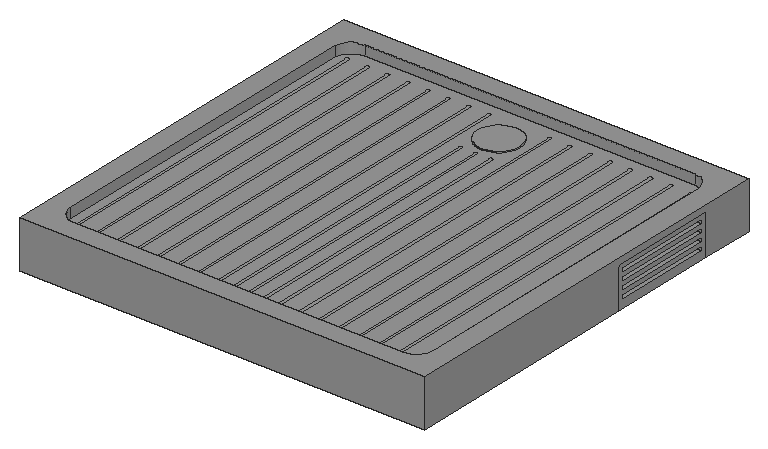
Revit family "RECEPTACULO ZEN CON REJILLA 1200x1200", category Plumbing Fixtures, Revit 2019
Family settings
  Round Connector Dimension = Use Diameter
  Part Type = Normal
  OmniClass Number = 23.45.00.00
  OmniClass Title = Sanitary, Laundry, and Cleaning Equipment
  Work Plane-Based = No
  Always vertical = Yes
  Cut with Voids When Loaded = No
  Shared = No
  Room Calculation Point = No
Reference planes
  plane 1 "Center (Front/Back)": y = 0
  plane 2: z = 0
  plane 3 "Center (Left/Right)": x = 0
Forms (mm)
  Extrusion 1, solid
    sketch origin (0, 0, 0) x (1, 0, 0) y (0, 1, 0)
      loop
        line (-250, -220) -> (950, -220) -> (950, 980) -> (-250, 980) -> (-250, -220)
    from 0 to 140
  Extrusion 2, void
    sketch origin (0, 0, 0) x (1, 0, 0) y (0, 1, 0)
      loop
        arc (-140, 920) -> (-175.355, 905.355) -> (-190, 870) r 50
        line (-190, 870) -> (-190, -110)
        arc (-190, -110) -> (-175.355, -145.355) -> (-140, -160) r 50
        line (-140, -160) -> (840, -160)
        arc (840, -160) -> (875.355, -145.355) -> (890, -110) r 50
        line (890, -110) -> (890, 870)
        arc (890, 870) -> (875.355, 905.355) -> (840, 920) r 50
        line (840, 920) -> (-140, 920)
    from 110.528 to 155.528
  Extrusion 3, void
    sketch origin (0, 340, 0) x (0, 1, 0) y (0, 0, 1)
      loop
        line (480, 0) -> (480, 120) -> (160, 120) -> (160, 0) -> (480, 0)
    from 917.191 to 950
  Extrusion 4, solid
    sketch origin (0, 340, 0) x (0, 1, 0) y (0, 0, 1)
      loop
        line (160, 0) -> (480, 0) -> (480, 120) -> (160, 120) -> (160, 0)
      loop
        line (172, 24) -> (468, 24) -> (468, 36) -> (172, 36) -> (172, 24)
      loop
        line (468, 108) -> (172, 108) -> (172, 96) -> (468, 96) -> (468, 108)
      loop
        line (172, 84) -> (172, 72) -> (468, 72) -> (468, 84) -> (172, 84)
      loop
        line (172, 60) -> (172, 48) -> (468, 48) -> (468, 60) -> (172, 60)
    from 917.191 to 950
  Extrusion 5, solid
    sketch origin (0, 0, 0) x (1, 0, 0) y (0, 0, 1)
      loop
        arc (82.789, 110.528) -> (79.122, 112.128) -> (75.456, 110.528) r 5
        line (75.456, 110.528) -> (82.789, 110.528)
      loop
        line (135.456, 110.528) -> (142.789, 110.528)
        arc (142.789, 110.528) -> (139.122, 112.128) -> (135.456, 110.528) r 5
      loop
        line (195.456, 110.528) -> (202.789, 110.528)
        arc (202.789, 110.528) -> (199.122, 112.128) -> (195.456, 110.528) r 5
      loop
        line (255.456, 110.528) -> (262.789, 110.528)
        arc (262.789, 110.528) -> (259.122, 112.128) -> (255.456, 110.528) r 5
      loop
        line (435.456, 110.528) -> (442.789, 110.528)
        arc (442.789, 110.528) -> (439.122, 112.128) -> (435.456, 110.528) r 5
      loop
        line (495.456, 110.528) -> (502.789, 110.528)
        arc (502.789, 110.528) -> (499.122, 112.128) -> (495.456, 110.528) r 5
      loop
        line (555.456, 110.528) -> (562.789, 110.528)
        arc (562.789, 110.528) -> (559.122, 112.128) -> (555.456, 110.528) r 5
      loop
        line (615.456, 110.528) -> (622.789, 110.528)
        arc (622.789, 110.528) -> (619.122, 112.128) -> (615.456, 110.528) r 5
      loop
        arc (22.789, 110.528) -> (19.122, 112.128) -> (15.456, 110.528) r 5
        line (15.456, 110.528) -> (22.789, 110.528)
      loop
        arc (-37.211, 110.528) -> (-40.878, 112.128) -> (-44.544, 110.528) r 5
        line (-44.544, 110.528) -> (-37.211, 110.528)
      loop
        arc (-97.211, 110.528) -> (-100.878, 112.128) -> (-104.544, 110.528) r 5
        line (-104.544, 110.528) -> (-97.211, 110.528)
      loop
        arc (-157.211, 110.528) -> (-160.878, 112.128) -> (-164.544, 110.528) r 5
        line (-164.544, 110.528) -> (-157.211, 110.528)
      loop
        line (675.456, 110.528) -> (682.789, 110.528)
        arc (682.789, 110.528) -> (679.122, 112.128) -> (675.456, 110.528) r 5
      loop
        line (735.456, 110.528) -> (742.789, 110.528)
        arc (742.789, 110.528) -> (739.122, 112.128) -> (735.456, 110.528) r 5
      loop
        line (795.456, 110.528) -> (802.789, 110.528)
        arc (802.789, 110.528) -> (799.122, 112.128) -> (795.456, 110.528) r 5
      loop
        line (855.456, 110.528) -> (862.789, 110.528)
        arc (862.789, 110.528) -> (859.122, 112.128) -> (855.456, 110.528) r 5
    from -883.31 to 126.009
  Extrusion 6, solid
    sketch origin (0, 0, 0) x (1, 0, 0) y (0, 0, 1)
      loop
        line (345.456, 110.528) -> (352.789, 110.528)
        arc (352.789, 110.528) -> (349.122, 112.128) -> (345.456, 110.528) r 5
      loop
        line (300.456, 110.528) -> (307.789, 110.528)
        arc (307.789, 110.528) -> (304.122, 112.128) -> (300.456, 110.528) r 5
      loop
        line (390.456, 110.528) -> (397.789, 110.528)
        arc (397.789, 110.528) -> (394.122, 112.128) -> (390.456, 110.528) r 5
    from -721.356 to 126.009
  Extrusion 7, solid
    sketch origin (0, 280, 0) x (1, 0, 0) y (0, 1, 0)
      loop
        circle (350, 525) r 62.5
    from 110.528 to 113.586
Cuts and joins
  Extrusion 2, Extrusion 3 cuts Extrusion 1
Lines and regions (mm)
  reference lines
    curve 1: line (950, 380, 0) -> (890, 380, 0)
Dimensions and locks
  aligned and locked: level to plane 2
